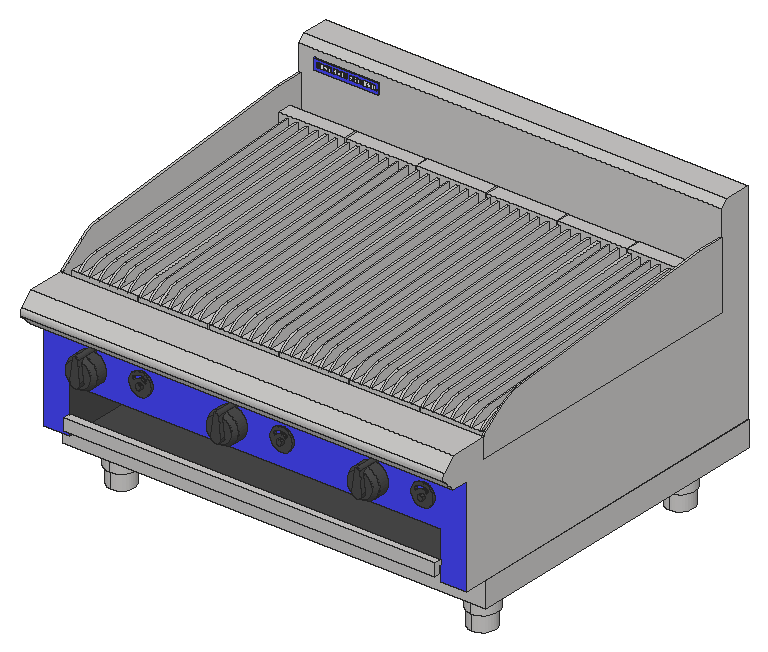
Revit family "QF_MOFFAT_BLUESEAL_AU_G596-B", category Specialty Equipment, Revit 2012
Parameters
  Weight in Pounds = 391  # constant formula
  URL Cutsheet = "www.moffat.com"
  URL = "www.moffat.com"
  Type Mark [instance] = ""
  Status [instance] = ""
  Specification by User [instance] = ""
  Specification by Manufacturer = ""
  Show Logo [instance] = yes
  Show Casters [instance] = yes
  Serial Number = ""
  Seismic Rating = ""
  SMACNA No = ""
  Revision Code [instance] = ""
  Omniclass Number and Title = ""
  NAFEM Spec ID Number = ""
  Model = "G596-B"
  Mechanical Remarks [instance] = ""
  Mechanical Connection Type [instance] = ""
  Masterspec = ""
  Manufacturer = "MOFFAT BLUESEAL"
  Legs [instance] = not(Show Casters)  # no
  Item Number [instance] = ""
  Installed By [instance] = ""
  Identify Quantity as Lot [instance] = yes
  Gas Size = 3/4"
  Gas RI Height [instance] = 0 mm
  Gas KW [instance] = 29.3
  Gas Input [instance] = 94781.0 Btu/h
  Gas Connection Height = 0 mm
  Furnished By [instance] = ""
  Foodservice Equipment Identifier [instance] = yes
  Description = "900MM GAS CHARGRILL BENCH MOUNT"
  CSI MasterFormat = ""
  CSI Master Format = ""
  Body Finish = QF_Finishes_Stainless Steel
Reference planes
  plane 1 "BACK": y = 0
  plane 2: z = 0
  plane 3 "LEFT": x = 0
  plane 4 "RIGHT": x = 900
  plane 5 "FRONT": y = -812
  plane 6 "TOP": z = 972
  plane 7 "Center Y": x = 450
  plane 8 "Center X": y = -406
  plane 9: y = -100
  plane 10: y = -625
  plane 11: z = 585
  plane 12: x = 65.5
  plane 13: x = 834.5
Forms (mm)
  Extrusion 1, solid, material "QF_Finishes_Stainless Steel" <- "Body Finish"
    sketch origin (0, 0, -500) x (0, 1, 0) y (0, 0, 1)
      loop
        line (0, 640) -> (0, 1085) -> (-57.5, 1085) -> (-70, 1072.5) -> (-70, 875) -> (-705, 875) -> (-705, 915) -> (-783.97, 915) -> (-808.485, 890.485)
        arc (-808.485, 890.485) -> (-811.999, 882) -> (-808.485, 873.515) r 12
        line (-808.485, 873.515) -> (-784.97, 850) -> (-749, 850) -> (-749, 640) -> (0, 640)
      loop
        line (0, 585) -> (0, 639.206) -> (-699, 639.206) -> (-699, 585) -> (0, 585)
    from 0 to 900
  Extrusion 2, solid, material "QF_Finishes_Stainless Steel" <- "Body Finish"
    sketch origin (0, 0, -342.612) x (0, 1, 0) y (0, 0, 1)
      loop
        line (-70, 717) -> (-70, 860.112) -> (-127.045, 860.112) -> (-604.53, 814.135)
        arc (-604.53, 814.135) -> (-629.557, 808.415) -> (-652.303, 796.511) r 100
        line (-652.303, 796.511) -> (-705, 759.612) -> (-705, 717) -> (-70, 717)
    from 0 to 4.5
  Extrusion 3, solid, material "QF_Finishes_Stainless Steel" <- "Body Finish"
    sketch origin (900, 0, 0) x (0, -1, 0) y (0, 0, 1)
      loop
        line (70, 374.388) -> (705, 374.388) -> (705, 417) -> (652.303, 453.899)
        arc (652.303, 453.899) -> (629.557, 465.803) -> (604.53, 471.523) r 100
        line (604.53, 471.523) -> (127.045, 517.5) -> (70, 517.5) -> (70, 374.388)
    from 0 to 3
  Revolve 4, solid, material "QF_Finishes_Black"
    sketch origin (108, 7, -344.2) x (0, 1, 0) y (0, 0, 1)
      loop
        line (-789, 671.5) -> (-800, 665.651) -> (-800, 639) -> (-756, 639) -> (-756, 644) -> (-766, 644) -> (-766, 671.5) -> (-789, 671.5)
      axis (-800, 639) -> (-756, 639)
    angle from 0 to 360
  Extrusion 5, solid, material "QF_Finishes_Black"
    sketch origin (-30.113, 7, -344.2) x (1, 0, 0) y (0, 0, 1)
      loop
        line (148.532, 628.195) -> (143.111, 671.113)
        arc (143.111, 671.113) -> (138.113, 676) -> (133.114, 671.113) r 5
        line (133.114, 671.113) -> (127.625, 627.028)
        arc (127.625, 627.028) -> (138.697, 616.529) -> (148.532, 628.195) r 10.487
    from 759 to 808
  Extrusion 6, solid, material "QF_Finishes_Stainless Steel"
    sketch origin (276, 0, -342) x (0, 1, 0) y (0, 0, 1)
      loop
        line (-132, 752.364) -> (-132, 804.849) -> (-637.852, 774.53)
        arc (-637.852, 774.53) -> (-663.098, 767.97) -> (-684, 752.364) r 67.81
        line (-684, 752.364) -> (-132, 752.364)
    from 0 to 4.5
  Extrusion 7, solid, material "QF_Finishes_Stainless Steel"
    sketch origin (255, 0, -342) x (0, 1, 0) y (0, 0, 1)
      loop
        line (-132, 752.364) -> (-132, 804.849) -> (-637.852, 774.53)
        arc (-637.852, 774.53) -> (-663.098, 767.97) -> (-684, 752.364) r 67.81
        line (-684, 752.364) -> (-132, 752.364)
    from 0 to 4.5
  Extrusion 8, solid, material "QF_Finishes_Stainless Steel"
    sketch origin (234, 0, -342) x (0, 1, 0) y (0, 0, 1)
      loop
        line (-132, 752.364) -> (-132, 804.849) -> (-637.852, 774.53)
        arc (-637.852, 774.53) -> (-663.098, 767.97) -> (-684, 752.364) r 67.81
        line (-684, 752.364) -> (-132, 752.364)
    from 0 to 4.5
  Extrusion 9, solid, material "QF_Finishes_Stainless Steel"
    sketch origin (213, 0, -342) x (0, 1, 0) y (0, 0, 1)
      loop
        line (-132, 752.364) -> (-132, 804.849) -> (-637.852, 774.53)
        arc (-637.852, 774.53) -> (-663.098, 767.97) -> (-684, 752.364) r 67.81
        line (-684, 752.364) -> (-132, 752.364)
    from 0 to 4.5
  Extrusion 10, solid, material "QF_Finishes_Stainless Steel"
    sketch origin (192, 0, -342) x (0, 1, 0) y (0, 0, 1)
      loop
        line (-132, 752.364) -> (-132, 804.849) -> (-637.852, 774.53)
        arc (-637.852, 774.53) -> (-663.098, 767.97) -> (-684, 752.364) r 67.81
        line (-684, 752.364) -> (-132, 752.364)
    from 0 to 4.5
  Extrusion 11, solid, material "QF_Finishes_Stainless Steel"
    sketch origin (171, 0, -342) x (0, 1, 0) y (0, 0, 1)
      loop
        line (-132, 752.364) -> (-132, 804.849) -> (-637.852, 774.53)
        arc (-637.852, 774.53) -> (-663.098, 767.97) -> (-684, 752.364) r 67.81
        line (-684, 752.364) -> (-132, 752.364)
    from 0 to 4.5
  Extrusion 12, solid, material "QF_Finishes_Stainless Steel"
    sketch origin (150, 0, -342) x (0, 1, 0) y (0, 0, 1)
      loop
        line (-132, 752.364) -> (-132, 804.849) -> (-637.852, 774.53)
        arc (-637.852, 774.53) -> (-663.098, 767.97) -> (-684, 752.364) r 67.81
        line (-684, 752.364) -> (-132, 752.364)
    from 0 to 4.5
  Extrusion 13, solid, material "QF_Finishes_Stainless Steel"
    sketch origin (126, 0, -342) x (0, 1, 0) y (0, 0, 1)
      loop
        line (-132, 752.364) -> (-132, 804.849) -> (-637.852, 774.53)
        arc (-637.852, 774.53) -> (-663.098, 767.97) -> (-684, 752.364) r 67.81
        line (-684, 752.364) -> (-132, 752.364)
    from 0 to 4.5
  Extrusion 14, solid, material "QF_Finishes_Stainless Steel"
    sketch origin (105, 0, -342) x (0, 1, 0) y (0, 0, 1)
      loop
        line (-132, 752.364) -> (-132, 804.849) -> (-637.852, 774.53)
        arc (-637.852, 774.53) -> (-663.098, 767.97) -> (-684, 752.364) r 67.81
        line (-684, 752.364) -> (-132, 752.364)
    from 0 to 4.5
  Extrusion 15, solid, material "QF_Finishes_Stainless Steel"
    sketch origin (84, 0, -342) x (0, 1, 0) y (0, 0, 1)
      loop
        line (-132, 752.364) -> (-132, 804.849) -> (-637.852, 774.53)
        arc (-637.852, 774.53) -> (-663.098, 767.97) -> (-684, 752.364) r 67.81
        line (-684, 752.364) -> (-132, 752.364)
    from 0 to 4.5
  Extrusion 16, solid, material "QF_Finishes_Stainless Steel"
    sketch origin (63, 0, -342) x (0, 1, 0) y (0, 0, 1)
      loop
        line (-132, 752.364) -> (-132, 804.849) -> (-637.852, 774.53)
        arc (-637.852, 774.53) -> (-663.098, 767.97) -> (-684, 752.364) r 67.81
        line (-684, 752.364) -> (-132, 752.364)
    from 0 to 4.5
  Extrusion 17, solid, material "QF_Finishes_Stainless Steel"
    sketch origin (42, 0, -342) x (0, 1, 0) y (0, 0, 1)
      loop
        line (-132, 752.364) -> (-132, 804.849) -> (-637.852, 774.53)
        arc (-637.852, 774.53) -> (-663.098, 767.97) -> (-684, 752.364) r 67.81
        line (-684, 752.364) -> (-132, 752.364)
    from 0 to 4.5
  Extrusion 18, solid, material "QF_Finishes_Stainless Steel"
    sketch origin (21, 0, -342) x (0, 1, 0) y (0, 0, 1)
      loop
        line (-132, 752.364) -> (-132, 804.849) -> (-637.852, 774.53)
        arc (-637.852, 774.53) -> (-663.098, 767.97) -> (-684, 752.364) r 67.81
        line (-684, 752.364) -> (-132, 752.364)
    from 0 to 4.5
  Extrusion 19, solid, material "QF_Finishes_Stainless Steel"
    sketch origin (426, 0, -342) x (0, 1, 0) y (0, 0, 1)
      loop
        line (-132, 752.364) -> (-132, 804.849) -> (-637.852, 774.53)
        arc (-637.852, 774.53) -> (-663.098, 767.97) -> (-684, 752.364) r 67.81
        line (-684, 752.364) -> (-132, 752.364)
    from 0 to 4.5
  Extrusion 20, solid, material "QF_Finishes_Stainless Steel"
    sketch origin (405, 0, -342) x (0, 1, 0) y (0, 0, 1)
      loop
        line (-132, 752.364) -> (-132, 804.849) -> (-637.852, 774.53)
        arc (-637.852, 774.53) -> (-663.098, 767.97) -> (-684, 752.364) r 67.81
        line (-684, 752.364) -> (-132, 752.364)
    from 0 to 4.5
  Extrusion 21, solid, material "QF_Finishes_Stainless Steel"
    sketch origin (384, 0, -342) x (0, 1, 0) y (0, 0, 1)
      loop
        line (-132, 752.364) -> (-132, 804.849) -> (-637.852, 774.53)
        arc (-637.852, 774.53) -> (-663.098, 767.97) -> (-684, 752.364) r 67.81
        line (-684, 752.364) -> (-132, 752.364)
    from 0 to 4.5
  Extrusion 22, solid, material "QF_Finishes_Stainless Steel"
    sketch origin (363, 0, -342) x (0, 1, 0) y (0, 0, 1)
      loop
        line (-132, 752.364) -> (-132, 804.849) -> (-637.852, 774.53)
        arc (-637.852, 774.53) -> (-663.098, 767.97) -> (-684, 752.364) r 67.81
        line (-684, 752.364) -> (-132, 752.364)
    from 0 to 4.5
  Extrusion 23, solid, material "QF_Finishes_Stainless Steel"
    sketch origin (342, 0, -342) x (0, 1, 0) y (0, 0, 1)
      loop
        line (-132, 752.364) -> (-132, 804.849) -> (-637.852, 774.53)
        arc (-637.852, 774.53) -> (-663.098, 767.97) -> (-684, 752.364) r 67.81
        line (-684, 752.364) -> (-132, 752.364)
    from 0 to 4.5
  Extrusion 24, solid, material "QF_Finishes_Stainless Steel"
    sketch origin (321, 0, -342) x (0, 1, 0) y (0, 0, 1)
      loop
        line (-132, 752.364) -> (-132, 804.849) -> (-637.852, 774.53)
        arc (-637.852, 774.53) -> (-663.098, 767.97) -> (-684, 752.364) r 67.81
        line (-684, 752.364) -> (-132, 752.364)
    from 0 to 4.5
  Extrusion 25, solid, material "QF_Finishes_Stainless Steel"
    sketch origin (300, 0, -342) x (0, 1, 0) y (0, 0, 1)
      loop
        line (-132, 752.364) -> (-132, 804.849) -> (-637.852, 774.53)
        arc (-637.852, 774.53) -> (-663.098, 767.97) -> (-684, 752.364) r 67.81
        line (-684, 752.364) -> (-132, 752.364)
    from 0 to 4.5
  Extrusion 26, solid, material "QF_Finishes_Stainless Steel"
    sketch origin (576, 0, -342) x (0, 1, 0) y (0, 0, 1)
      loop
        line (-132, 752.364) -> (-132, 804.849) -> (-637.852, 774.53)
        arc (-637.852, 774.53) -> (-663.098, 767.97) -> (-684, 752.364) r 67.81
        line (-684, 752.364) -> (-132, 752.364)
    from 0 to 4.5
  Extrusion 27, solid, material "QF_Finishes_Stainless Steel"
    sketch origin (555, 0, -342) x (0, 1, 0) y (0, 0, 1)
      loop
        line (-132, 752.364) -> (-132, 804.849) -> (-637.852, 774.53)
        arc (-637.852, 774.53) -> (-663.098, 767.97) -> (-684, 752.364) r 67.81
        line (-684, 752.364) -> (-132, 752.364)
    from 0 to 4.5
  Extrusion 28, solid, material "QF_Finishes_Stainless Steel"
    sketch origin (534, 0, -342) x (0, 1, 0) y (0, 0, 1)
      loop
        line (-132, 752.364) -> (-132, 804.849) -> (-637.852, 774.53)
        arc (-637.852, 774.53) -> (-663.098, 767.97) -> (-684, 752.364) r 67.81
        line (-684, 752.364) -> (-132, 752.364)
    from 0 to 4.5
  Extrusion 29, solid, material "QF_Finishes_Stainless Steel"
    sketch origin (513, 0, -342) x (0, 1, 0) y (0, 0, 1)
      loop
        line (-132, 752.364) -> (-132, 804.849) -> (-637.852, 774.53)
        arc (-637.852, 774.53) -> (-663.098, 767.97) -> (-684, 752.364) r 67.81
        line (-684, 752.364) -> (-132, 752.364)
    from 0 to 4.5
  Extrusion 30, solid, material "QF_Finishes_Stainless Steel"
    sketch origin (492, 0, -342) x (0, 1, 0) y (0, 0, 1)
      loop
        line (-132, 752.364) -> (-132, 804.849) -> (-637.852, 774.53)
        arc (-637.852, 774.53) -> (-663.098, 767.97) -> (-684, 752.364) r 67.81
        line (-684, 752.364) -> (-132, 752.364)
    from 0 to 4.5
  Extrusion 31, solid, material "QF_Finishes_Stainless Steel"
    sketch origin (471, 0, -342) x (0, 1, 0) y (0, 0, 1)
      loop
        line (-132, 752.364) -> (-132, 804.849) -> (-637.852, 774.53)
        arc (-637.852, 774.53) -> (-663.098, 767.97) -> (-684, 752.364) r 67.81
        line (-684, 752.364) -> (-132, 752.364)
    from 0 to 4.5
  Extrusion 32, solid, material "QF_Finishes_Stainless Steel"
    sketch origin (450, 0, -342) x (0, 1, 0) y (0, 0, 1)
      loop
        line (-132, 752.364) -> (-132, 804.849) -> (-637.852, 774.53)
        arc (-637.852, 774.53) -> (-663.098, 767.97) -> (-684, 752.364) r 67.81
        line (-684, 752.364) -> (-132, 752.364)
    from 0 to 4.5
  Extrusion 33, solid, material "QF_Finishes_Stainless Steel"
    sketch origin (0, 3, -500) x (1, 0, 0) y (0, 1, 0)
      loop
        circle (216, -37) r 13.5
    from 553 to 585
  Extrusion 34, solid, material "QF_Finishes_Stainless Steel"
    sketch origin (0, 0, -342) x (0, 1, 0) y (0, 0, 1)
      loop
        line (-132, 752.364) -> (-684, 752.364) -> (-684, 717) -> (-102, 717) -> (-102, 812) -> (-132, 812) -> (-132, 752.364)
    from 4.5 to 147
  Extrusion 35, solid, material "QF_Finishes_Stainless Steel"
    sketch origin (145.5, 0, -342) x (0, 1, 0) y (0, 0, 1)
      loop
        line (-132, 752.364) -> (-684, 752.364) -> (-684, 717) -> (-102, 717) -> (-102, 812) -> (-132, 812) -> (-132, 752.364)
    from 4.5 to 151.5
  Extrusion 36, solid, material "QF_Finishes_Stainless Steel"
    sketch origin (295.5, 0, -342) x (0, 1, 0) y (0, 0, 1)
      loop
        line (-132, 752.364) -> (-684, 752.364) -> (-684, 717) -> (-102, 717) -> (-102, 812) -> (-132, 812) -> (-132, 752.364)
    from 4.5 to 151.5
  Extrusion 37, solid, material "QF_Finishes_Stainless Steel"
    sketch origin (445.5, 0, -342) x (0, 1, 0) y (0, 0, 1)
      loop
        line (-132, 752.364) -> (-684, 752.364) -> (-684, 717) -> (-102, 717) -> (-102, 812) -> (-132, 812) -> (-132, 752.364)
    from 4.5 to 151.5
  Extrusion 38, solid, material "QF_Finishes_Black"
    sketch origin (0, -749, 350) x (0, 0, -1) y (1, 0, 0)
      loop
        circle (55.799, 208) r 23.9
      loop
        arc (48.44, 216.419) -> (49.3, 221.219) -> (44.5, 222.079) r 3.448
        arc (44.5, 222.079) -> (37.915, 207.341) -> (45.718, 193.209) r 18.095
        arc (45.718, 193.209) -> (50.44, 194.491) -> (49.125, 199.204) r 3.448
        arc (49.125, 199.204) -> (45.557, 207.683) -> (48.44, 216.419) r 13.109
      loop
        circle (55.799, 808) r 23.9
      loop
        arc (44.5, 822.079) -> (37.915, 807.341) -> (45.718, 793.209) r 18.095
        arc (45.718, 793.209) -> (50.44, 794.491) -> (49.125, 799.204) r 3.448
        arc (49.125, 799.204) -> (45.557, 807.683) -> (48.44, 816.419) r 13.109
        arc (48.44, 816.419) -> (49.3, 821.219) -> (44.5, 822.079) r 3.448
      loop
        circle (55.799, 508) r 23.9
      loop
        arc (44.5, 522.079) -> (37.915, 507.341) -> (45.718, 493.209) r 18.095
        arc (45.718, 493.209) -> (50.44, 494.491) -> (49.125, 499.204) r 3.448
        arc (49.125, 499.204) -> (45.557, 507.683) -> (48.44, 516.419) r 13.109
        arc (48.44, 516.419) -> (49.3, 521.219) -> (44.5, 522.079) r 3.448
    from 0 to 4
  Extrusion 39, solid, material "QF_Finishes_Black"
    sketch origin (0, -753, 350) x (0, 0, -1) y (1, 0, 0)
      loop
        circle (59.299, 208) r 5.75
      loop
        circle (59.299, 508) r 5.75
      loop
        circle (59.299, 808) r 5.75
    from 0 to 5
  Revolve 40, solid, material "QF_Finishes_Black"
    sketch origin (408, 7, -344.2) x (0, 1, 0) y (0, 0, 1)
      loop
        line (-789, 671.5) -> (-800, 665.651) -> (-800, 639) -> (-756, 639) -> (-756, 644) -> (-766, 644) -> (-766, 671.5) -> (-789, 671.5)
      axis (-800, 639) -> (-756, 639)
    angle from 0 to 360
  Extrusion 41, solid, material "QF_Finishes_Black"
    sketch origin (269.887, 7, -344.2) x (1, 0, 0) y (0, 0, 1)
      loop
        line (148.532, 628.195) -> (143.111, 671.113)
        arc (143.111, 671.113) -> (138.113, 676) -> (133.114, 671.113) r 5
        line (133.114, 671.113) -> (127.625, 627.028)
        arc (127.625, 627.028) -> (138.697, 616.529) -> (148.532, 628.195) r 10.487
    from 759 to 808
  Extrusion 42, void
    sketch origin (0, -749, 350) x (0, 0, 1) y (1, 0, 0)
      loop
        line (-210, 845) -> (-210, 55) -> (-110, 55) -> (-110, 845) -> (-210, 845)
    from 0 to 250
  Extrusion 43, solid, material "QF_Finishes_Stainless Steel"
    sketch origin (55, -749, 140) x (0, 0, 1) y (0, -1, 0)
      loop
        line (16.797, 15.924) -> (16.797, 5.924) -> (31.797, 5.924) -> (31.797, -31.346) -> (0, -31.346) -> (0, -50) -> (41.797, -50) -> (41.797, 15.924) -> (16.797, 15.924)
    from 0 to 790
  Revolve 44, solid, material "QF_Finishes_Stainless Steel" <- "Body Finish"
    sketch origin (834.5, -735, 0) x (0, 1, 0) y (0, 0, -1)
      loop
        line (78.25, -85) -> (110, -85) -> (110, 0) -> (82.5, 0) -> (82.5, -35) -> (78.25, -35) -> (78.25, -85)
      axis (110, -85) -> (110, 0)
    angle from 0 to 360
  Revolve 45, solid, material "QF_Finishes_Stainless Steel" <- "Body Finish"
    sketch origin (834.5, -210, 0) x (0, 1, 0) y (0, 0, -1)
      loop
        line (78.25, -85) -> (110, -85) -> (110, 0) -> (82.5, 0) -> (82.5, -35) -> (78.25, -35) -> (78.25, -85)
      axis (110, -85) -> (110, 0)
    angle from 0 to 360
  Revolve 46, solid, material "QF_Finishes_Stainless Steel" <- "Body Finish"
    sketch origin (65.5, -735, 0) x (0, 1, 0) y (0, 0, 1)
      loop
        line (78.25, 85) -> (78.25, 35) -> (82.5, 35) -> (82.5, 0) -> (110, 0) -> (110, 85) -> (78.25, 85)
      axis (110, 85) -> (110, 0)
    angle from 0 to 360
  Revolve 47, solid, material "QF_Finishes_Stainless Steel" <- "Body Finish"
    sketch origin (65.5, -210, 0) x (0, 1, 0) y (0, 0, 1)
      loop
        line (78.25, 85) -> (78.25, 35) -> (82.5, 35) -> (82.5, 0) -> (110, 0) -> (110, 85) -> (78.25, 85)
      axis (110, 85) -> (110, 0)
    angle from 0 to 360
  Extrusion 48, solid, material "QF_Finishes_Stainless Steel"
    sketch origin (726, 0, -342) x (0, 1, 0) y (0, 0, 1)
      loop
        line (-132, 752.364) -> (-132, 804.849) -> (-637.852, 774.53)
        arc (-637.852, 774.53) -> (-663.098, 767.97) -> (-684, 752.364) r 67.81
        line (-684, 752.364) -> (-132, 752.364)
    from 0 to 4.5
  Extrusion 49, solid, material "QF_Finishes_Stainless Steel"
    sketch origin (705, 0, -342) x (0, 1, 0) y (0, 0, 1)
      loop
        line (-132, 752.364) -> (-132, 804.849) -> (-637.852, 774.53)
        arc (-637.852, 774.53) -> (-663.098, 767.97) -> (-684, 752.364) r 67.81
        line (-684, 752.364) -> (-132, 752.364)
    from 0 to 4.5
  Extrusion 50, solid, material "QF_Finishes_Stainless Steel"
    sketch origin (684, 0, -342) x (0, 1, 0) y (0, 0, 1)
      loop
        line (-132, 752.364) -> (-132, 804.849) -> (-637.852, 774.53)
        arc (-637.852, 774.53) -> (-663.098, 767.97) -> (-684, 752.364) r 67.81
        line (-684, 752.364) -> (-132, 752.364)
    from 0 to 4.5
  Extrusion 51, solid, material "QF_Finishes_Stainless Steel"
    sketch origin (663, 0, -342) x (0, 1, 0) y (0, 0, 1)
      loop
        line (-132, 752.364) -> (-132, 804.849) -> (-637.852, 774.53)
        arc (-637.852, 774.53) -> (-663.098, 767.97) -> (-684, 752.364) r 67.81
        line (-684, 752.364) -> (-132, 752.364)
    from 0 to 4.5
  Extrusion 52, solid, material "QF_Finishes_Stainless Steel"
    sketch origin (642, 0, -342) x (0, 1, 0) y (0, 0, 1)
      loop
        line (-132, 752.364) -> (-132, 804.849) -> (-637.852, 774.53)
        arc (-637.852, 774.53) -> (-663.098, 767.97) -> (-684, 752.364) r 67.81
        line (-684, 752.364) -> (-132, 752.364)
    from 0 to 4.5
  Extrusion 53, solid, material "QF_Finishes_Stainless Steel"
    sketch origin (621, 0, -342) x (0, 1, 0) y (0, 0, 1)
      loop
        line (-132, 752.364) -> (-132, 804.849) -> (-637.852, 774.53)
        arc (-637.852, 774.53) -> (-663.098, 767.97) -> (-684, 752.364) r 67.81
        line (-684, 752.364) -> (-132, 752.364)
    from 0 to 4.5
  Extrusion 54, solid, material "QF_Finishes_Stainless Steel"
    sketch origin (600, 0, -342) x (0, 1, 0) y (0, 0, 1)
      loop
        line (-132, 752.364) -> (-132, 804.849) -> (-637.852, 774.53)
        arc (-637.852, 774.53) -> (-663.098, 767.97) -> (-684, 752.364) r 67.81
        line (-684, 752.364) -> (-132, 752.364)
    from 0 to 4.5
  Extrusion 55, solid, material "QF_Finishes_Stainless Steel"
    sketch origin (595.5, 0, -342) x (0, 1, 0) y (0, 0, 1)
      loop
        line (-132, 752.364) -> (-684, 752.364) -> (-684, 717) -> (-102, 717) -> (-102, 812) -> (-132, 812) -> (-132, 752.364)
    from 4.5 to 151.5
  Extrusion 56, solid, material "QF_Finishes_Stainless Steel"
    sketch origin (876, 0, -342) x (0, 1, 0) y (0, 0, 1)
      loop
        line (-132, 752.364) -> (-132, 804.849) -> (-637.852, 774.53)
        arc (-637.852, 774.53) -> (-663.098, 767.97) -> (-684, 752.364) r 67.81
        line (-684, 752.364) -> (-132, 752.364)
    from 0 to 4.5
  Extrusion 57, solid, material "QF_Finishes_Stainless Steel"
    sketch origin (855, 0, -342) x (0, 1, 0) y (0, 0, 1)
      loop
        line (-132, 752.364) -> (-132, 804.849) -> (-637.852, 774.53)
        arc (-637.852, 774.53) -> (-663.098, 767.97) -> (-684, 752.364) r 67.81
        line (-684, 752.364) -> (-132, 752.364)
    from 0 to 4.5
  Extrusion 58, solid, material "QF_Finishes_Stainless Steel"
    sketch origin (834, 0, -342) x (0, 1, 0) y (0, 0, 1)
      loop
        line (-132, 752.364) -> (-132, 804.849) -> (-637.852, 774.53)
        arc (-637.852, 774.53) -> (-663.098, 767.97) -> (-684, 752.364) r 67.81
        line (-684, 752.364) -> (-132, 752.364)
    from 0 to 4.5
  Extrusion 59, solid, material "QF_Finishes_Stainless Steel"
    sketch origin (813, 0, -342) x (0, 1, 0) y (0, 0, 1)
      loop
        line (-132, 752.364) -> (-132, 804.849) -> (-637.852, 774.53)
        arc (-637.852, 774.53) -> (-663.098, 767.97) -> (-684, 752.364) r 67.81
        line (-684, 752.364) -> (-132, 752.364)
    from 0 to 4.5
  Extrusion 60, solid, material "QF_Finishes_Stainless Steel"
    sketch origin (792, 0, -342) x (0, 1, 0) y (0, 0, 1)
      loop
        line (-132, 752.364) -> (-132, 804.849) -> (-637.852, 774.53)
        arc (-637.852, 774.53) -> (-663.098, 767.97) -> (-684, 752.364) r 67.81
        line (-684, 752.364) -> (-132, 752.364)
    from 0 to 4.5
  Extrusion 61, solid, material "QF_Finishes_Stainless Steel"
    sketch origin (771, 0, -342) x (0, 1, 0) y (0, 0, 1)
      loop
        line (-132, 752.364) -> (-132, 804.849) -> (-637.852, 774.53)
        arc (-637.852, 774.53) -> (-663.098, 767.97) -> (-684, 752.364) r 67.81
        line (-684, 752.364) -> (-132, 752.364)
    from 0 to 4.5
  Extrusion 62, solid, material "QF_Finishes_Stainless Steel"
    sketch origin (750, 0, -342) x (0, 1, 0) y (0, 0, 1)
      loop
        line (-132, 752.364) -> (-132, 804.849) -> (-637.852, 774.53)
        arc (-637.852, 774.53) -> (-663.098, 767.97) -> (-684, 752.364) r 67.81
        line (-684, 752.364) -> (-132, 752.364)
    from 0 to 4.5
  Extrusion 63, solid, material "QF_Finishes_Stainless Steel"
    sketch origin (745.5, 0, -342) x (0, 1, 0) y (0, 0, 1)
      loop
        line (-132, 752.364) -> (-684, 752.364) -> (-684, 717) -> (-102, 717) -> (-102, 812) -> (-132, 812) -> (-132, 752.364)
    from 4.5 to 151.5
  Extrusion 64, void
    sketch origin (0, -749, 350) x (0, 0, 1) y (1, 0, 0)
      loop
        line (-210, 845) -> (-210, 55) -> (-110, 55) -> (-110, 845) -> (-210, 845)
    from 0 to 250
  Revolve 65, solid, material "QF_Finishes_Black"
    sketch origin (708, 7, -344.2) x (0, 1, 0) y (0, 0, 1)
      loop
        line (-789, 671.5) -> (-800, 665.651) -> (-800, 639) -> (-756, 639) -> (-756, 644) -> (-766, 644) -> (-766, 671.5) -> (-789, 671.5)
      axis (-800, 639) -> (-756, 639)
    angle from 0 to 360
  Extrusion 66, solid, material "QF_Finishes_Black"
    sketch origin (569.887, 7, -344.2) x (1, 0, 0) y (0, 0, 1)
      loop
        line (148.532, 628.195) -> (143.111, 671.113)
        arc (143.111, 671.113) -> (138.113, 676) -> (133.114, 671.113) r 5
        line (133.114, 671.113) -> (127.625, 627.028)
        arc (127.625, 627.028) -> (138.697, 616.529) -> (148.532, 628.195) r 10.487
    from 759 to 808
Cuts and joins
  Extrusion 42, Extrusion 64 cuts Extrusion 43
  Extrusion 64 cuts Extrusion 1
Lines and regions (mm)
  Split face 1
    outline origin (600, 0, 585) x (-1, 0, 0) y (0, -1, 0)
      loop
        arc (556, 18.185) -> (564.66, 23.185) -> (564.66, 33.185) r 10
        line (564.66, 33.185) -> (560.619, 40.185)
        arc (560.619, 40.185) -> (556.959, 43.845) -> (551.959, 45.185) r 10
        line (551.959, 45.185) -> (324, 45.185)
        arc (324, 45.185) -> (315.34, 40.185) -> (315.34, 30.185) r 10
        line (315.34, 30.185) -> (319.381, 23.185)
        arc (319.381, 23.185) -> (323.041, 19.525) -> (328.041, 18.185) r 10
        line (328.041, 18.185) -> (556, 18.185)
  Split face 2
    outline origin (600, 0, 585) x (-1, 0, 0) y (0, -1, 0)
      loop
        arc (-44, 18.185) -> (-35.34, 23.185) -> (-35.34, 33.185) r 10
        line (-35.34, 33.185) -> (-39.381, 40.185)
        arc (-39.381, 40.185) -> (-43.041, 43.845) -> (-48.041, 45.185) r 10
        line (-48.041, 45.185) -> (-276, 45.185)
        arc (-276, 45.185) -> (-284.66, 40.185) -> (-284.66, 30.185) r 10
        line (-284.66, 30.185) -> (-280.619, 23.185)
        arc (-280.619, 23.185) -> (-276.959, 19.525) -> (-271.959, 18.185) r 10
        line (-271.959, 18.185) -> (-44, 18.185)
  Split face 3
    outline origin (892.021, 0, 585) x (-1, 0, 0) y (0, -1, 0)
      loop
        arc (556, 18.185) -> (564.66, 23.185) -> (564.66, 33.185) r 10
        line (564.66, 33.185) -> (560.619, 40.185)
        arc (560.619, 40.185) -> (556.959, 43.845) -> (551.959, 45.185) r 10
        line (551.959, 45.185) -> (324, 45.185)
        arc (324, 45.185) -> (315.34, 40.185) -> (315.34, 30.185) r 10
        line (315.34, 30.185) -> (319.381, 23.185)
        arc (319.381, 23.185) -> (323.041, 19.525) -> (328.041, 18.185) r 10
        line (328.041, 18.185) -> (556, 18.185)
  symbolic lines
    curve 1: line (0, 0, 0) -> (900, 0, 0)
    curve 2: line (0, -811.999, 0) -> (0, 0, 0)
    curve 3: line (900, -811.999, 0) -> (0, -811.999, 0)
    curve 4: line (900, 0, 0) -> (900, -811.999, 0)
    curve 5: line (336.021, -18.185, 0) -> (563.979, -18.185, 0)
    curve 6: arc (563.979, -18.185, 0) -> (568.979, -19.525, 0) -> (572.64, -23.185, 0) r 10
    curve 7: line (572.64, -23.185, 0) -> (576.681, -30.185, 0)
    curve 8: arc (576.681, -30.185, 0) -> (576.681, -40.185, 0) -> (568.021, -45.185, 0) r 10
    curve 9: line (568.021, -45.185, 0) -> (340.062, -45.185, 0)
    curve 10: arc (340.062, -45.185, 0) -> (335.062, -43.845, 0) -> (331.402, -40.185, 0) r 10
    curve 11: line (331.402, -40.185, 0) -> (327.36, -33.185, 0)
    curve 12: arc (327.36, -33.185, 0) -> (327.36, -23.185, 0) -> (336.021, -18.185, 0) r 10
    curve 13: line (871.959, -18.185, 0) -> (644, -18.185, 0)
    curve 14: arc (644, -18.185, 0) -> (635.34, -23.185, 0) -> (635.34, -33.185, 0) r 10
    curve 15: line (635.34, -33.185, 0) -> (639.381, -40.185, 0)
    curve 16: arc (639.381, -40.185, 0) -> (643.041, -43.845, 0) -> (648.041, -45.185, 0) r 10
    curve 17: line (648.041, -45.185, 0) -> (876, -45.185, 0)
    curve 18: arc (876, -45.185, 0) -> (884.66, -40.185, 0) -> (884.66, -30.185, 0) r 10
    curve 19: line (884.66, -30.185, 0) -> (880.619, -23.185, 0)
    curve 20: arc (880.619, -23.185, 0) -> (876.959, -19.525, 0) -> (871.959, -18.185, 0) r 10
    curve 21: line (271.959, -18.185, 0) -> (44, -18.185, 0)
    curve 22: arc (44, -18.185, 0) -> (35.34, -23.185, 0) -> (35.34, -33.185, 0) r 10
    curve 23: line (35.34, -33.185, 0) -> (39.381, -40.185, 0)
    curve 24: arc (39.381, -40.185, 0) -> (43.041, -43.845, 0) -> (48.041, -45.185, 0) r 10
    curve 25: line (48.041, -45.185, 0) -> (276, -45.185, 0)
    curve 26: arc (276, -45.185, 0) -> (284.66, -40.185, 0) -> (284.66, -30.185, 0) r 10
    curve 27: line (284.66, -30.185, 0) -> (280.619, -23.185, 0)
    curve 28: arc (280.619, -23.185, 0) -> (276.959, -19.525, 0) -> (271.959, -18.185, 0) r 10
    curve 29: line (0, -57.5, 0) -> (900, -57.5, 0)
    curve 30: line (0, -70, 0) -> (900, -70, 0)
    curve 31: line (900, -705, 0) -> (0, -705, 0)
    curve 32: line (0, -783.97, 0) -> (900, -783.97, 0)
    curve 33: line (4.5, -684, 0) -> (147, -684, 0)
    curve 34: line (150, -684, 0) -> (297, -684, 0)
    curve 35: line (300, -684, 0) -> (447, -684, 0)
    curve 36: line (450, -684, 0) -> (597, -684, 0)
    curve 37: line (600, -684, 0) -> (747, -684, 0)
    curve 38: line (750, -684, 0) -> (897, -684, 0)
    curve 39: line (897, -102, 0) -> (750, -102, 0)
    curve 40: line (747, -102, 0) -> (600, -102, 0)
    curve 41: line (897, -70, 0) -> (897, -705, 0)
    curve 42: line (4.5, -705, 0) -> (4.5, -70, 0)
    curve 43: line (147, -102, 0) -> (4.5, -102, 0)
    curve 44: line (297, -102, 0) -> (150, -102, 0)
    curve 45: line (447, -102, 0) -> (300, -102, 0)
    curve 46: line (597, -102, 0) -> (450, -102, 0)
    curve 47: line (147, -684, 0) -> (147, -102, 0)
    curve 48: line (150, -102, 0) -> (150, -684, 0)
    curve 49: line (297, -684, 0) -> (297, -102, 0)
    curve 50: line (300, -102, 0) -> (300, -684, 0)
    curve 51: line (447, -684, 0) -> (447, -102, 0)
    curve 52: line (450, -102, 0) -> (450, -684, 0)
    curve 53: line (597, -684, 0) -> (597, -102, 0)
    curve 54: line (600, -102, 0) -> (600, -684, 0)
    curve 55: line (747, -684, 0) -> (747, -102, 0)
    curve 56: line (750, -102, 0) -> (750, -684, 0)
    curve 57: line (21, -132, 0) -> (21, -684, 0)
    curve 58: line (42, -132, 0) -> (42, -684, 0)
    curve 59: line (63, -132, 0) -> (63, -684, 0)
    curve 60: line (84, -132, 0) -> (84, -684, 0)
    curve 61: line (105, -132, 0) -> (105, -684, 0)
    curve 62: line (126, -132, 0) -> (126, -684, 0)
    curve 63: line (154.5, -684, 0) -> (154.5, -132, 0)
    curve 64: line (175.5, -684, 0) -> (175.5, -132, 0)
    curve 65: line (196.5, -684, 0) -> (196.5, -132, 0)
    curve 66: line (217.5, -684, 0) -> (217.5, -132, 0)
    curve 67: line (238.5, -684, 0) -> (238.5, -132, 0)
    curve 68: line (259.5, -684, 0) -> (259.5, -132, 0)
    curve 69: line (280.5, -684, 0) -> (280.5, -132, 0)
    curve 70: line (304.5, -684, 0) -> (304.5, -132, 0)
    curve 71: line (325.5, -684, 0) -> (325.5, -132, 0)
    curve 72: line (346.5, -684, 0) -> (346.5, -132, 0)
    curve 73: line (367.5, -684, 0) -> (367.5, -132, 0)
    curve 74: line (388.5, -684, 0) -> (388.5, -132, 0)
    curve 75: line (409.5, -684, 0) -> (409.5, -132, 0)
    curve 76: line (430.5, -684, 0) -> (430.5, -132, 0)
    curve 77: line (454.5, -684, 0) -> (454.5, -132, 0)
    curve 78: line (475.5, -684, 0) -> (475.5, -132, 0)
    curve 79: line (496.5, -684, 0) -> (496.5, -132, 0)
    curve 80: line (517.5, -684, 0) -> (517.5, -132, 0)
    curve 81: line (538.5, -684, 0) -> (538.5, -132, 0)
    curve 82: line (559.5, -684, 0) -> (559.5, -132, 0)
    curve 83: line (580.5, -684, 0) -> (580.5, -132, 0)
    curve 84: line (604.5, -684, 0) -> (604.5, -132, 0)
    curve 85: line (625.5, -684, 0) -> (625.5, -132, 0)
    curve 86: line (646.5, -684, 0) -> (646.5, -132, 0)
    curve 87: line (667.5, -684, 0) -> (667.5, -132, 0)
    curve 88: line (688.5, -684, 0) -> (688.5, -132, 0)
    curve 89: line (709.5, -684, 0) -> (709.5, -132, 0)
    curve 90: line (730.5, -684, 0) -> (730.5, -132, 0)
    curve 91: line (754.5, -684, 0) -> (754.5, -132, 0)
    curve 92: line (775.5, -684, 0) -> (775.5, -132, 0)
    curve 93: line (796.5, -684, 0) -> (796.5, -132, 0)
    curve 94: line (817.5, -684, 0) -> (817.5, -132, 0)
    curve 95: line (838.5, -684, 0) -> (838.5, -132, 0)
    curve 96: line (859.5, -684, 0) -> (859.5, -132, 0)
    curve 97: line (880.5, -684, 0) -> (880.5, -132, 0)
    curve 98: line (750, -132, 0) -> (897, -132, 0)
    curve 99: line (600, -132, 0) -> (747, -132, 0)
    curve 100: line (450, -132, 0) -> (597, -132, 0)
    curve 101: line (150, -132, 0) -> (297, -132, 0)
    curve 102: line (4.5, -132, 0) -> (147, -132, 0)
    curve 103: line (300, -132, 0) -> (447, -132, 0)
Dimensions and locks
  equal spacing: plane 3 "LEFT", plane 7 "Center Y", plane 4 "RIGHT"
  plane 3 "LEFT" to plane 4 "RIGHT" = 900 mm
  equal spacing: plane 5 "FRONT", plane 8 "Center X", plane 1 "BACK"
  plane 5 "FRONT" to plane 1 "BACK" = 812 mm  (x2)
  equal spacing: plane 4 "RIGHT", plane 7 "Center Y", plane 3 "LEFT"
  plane 4 "RIGHT" to plane 3 "LEFT" = 900 mm
  locked: plane 11 to level at 585
  plane 12 to plane 13 = 769 mm
  plane 2 to Extrusion 33 = 53 mm
  Extrusion 33 sketch curve to plane 1 "BACK" = 34 mm
  plane 3 "LEFT" to Extrusion 33 sketch curve = 216 mm
  cut or joined group of Extrusion 1, Extrusion 64 to plane 2 = 415 mm
  plane 2 to cut or joined group of Extrusion 1, Extrusion 64 = 85 mm
  plane 11 to plane 2 = 585 mm
  plane 1 "BACK" to cut or joined group of Extrusion 1, Extrusion 64 = 70 mm
  plane 1 "BACK" to plane 5 "FRONT" = 812 mm
  plane 1 "BACK" to plane 9 = 100 mm
  plane 9 to plane 10 = 525 mm
  aligned and locked: level to plane 2
Automatic sketch dimensions
  Extrusion 1 sketch curve to plane 11 = 0 mm
  Extrusion 1 sketch curve to plane 1 "BACK" = 0 mm  (x2)
  Extrusion 1 sketch curve to plane 9 = 42.5 mm
  Extrusion 1 sketch curve to plane 9 = 30 mm
  plane 10 to Extrusion 1 sketch curve = 74 mm
  plane 10 to Extrusion 1 sketch curve = 80 mm
  Extrusion 1 sketch curve to Extrusion 1 sketch curve = 50 mm
  Extrusion 1 sketch curve to plane 5 "FRONT" = 28.03 mm
  Extrusion 1 sketch curve to plane 5 "FRONT" = 27.03 mm
  Extrusion 1 sketch curve to plane 5 "FRONT" = 12.001 mm
  Extrusion 1 sketch curve to plane 5 "FRONT" = 3.515 mm  (x2)
  Extrusion 1 sketch curve to plane 11 = 12.5 mm
  Extrusion 1 sketch curve to plane 11 = 170 mm
  Extrusion 1 sketch curve to Extrusion 1 sketch curve = 24.515 mm
  Extrusion 1 sketch curve to Extrusion 1 sketch curve = 8.485 mm
  Extrusion 1 sketch curve to Extrusion 1 sketch curve = 40 mm
  Extrusion 1 sketch curve to Extrusion 1 sketch curve = 25 mm
  level to Extrusion 1 sketch curve = 140 mm
  Extrusion 1 sketch curve to Extrusion 1 sketch curve = 0.794 mm
  Extrusion 1 sketch curve to Extrusion 1 sketch curve = 54.206 mm
  plane 10 to Extrusion 2 sketch curve = 80 mm
  plane 10 to Extrusion 2 sketch curve = 27.303 mm
  Extrusion 2 sketch curve to plane 10 = 20.47 mm
  Extrusion 2 sketch curve to plane 10 = 30.055 mm
  plane 9 to Extrusion 2 sketch curve = 27.045 mm
  Extrusion 2 sketch curve to plane 9 = 30 mm
  Extrusion 2 sketch curve to plane 11 = 213.016 mm
  Extrusion 2 sketch curve to Extrusion 2 sketch curve = 2.405 mm
  Extrusion 2 sketch curve to Extrusion 2 sketch curve = 42.612 mm
  Extrusion 2 sketch curve to Extrusion 2 sketch curve = 36.899 mm
  Extrusion 2 sketch curve to plane 11 = 67.5 mm
  Extrusion 3 sketch curve to plane 9 = 30 mm
  plane 9 to Extrusion 3 sketch curve = 27.045 mm
  Extrusion 3 sketch curve to plane 10 = 30.055 mm
  Extrusion 3 sketch curve to plane 10 = 20.47 mm
  plane 10 to Extrusion 3 sketch curve = 27.303 mm
  plane 10 to Extrusion 3 sketch curve = 80 mm
  Extrusion 3 sketch curve to plane 11 = 213.016 mm
  Extrusion 3 sketch curve to Extrusion 3 sketch curve = 2.405 mm
  Extrusion 3 sketch curve to Extrusion 3 sketch curve = 42.612 mm
  Extrusion 3 sketch curve to Extrusion 3 sketch curve = 36.899 mm
  Extrusion 3 sketch curve to plane 11 = 67.5 mm
  Revolve 4 sketch curve to plane 5 "FRONT" = 19 mm
  Revolve 4 sketch curve to Revolve 4 sketch curve = 0 mm  (x2)
  Revolve 4 sketch curve to Revolve 4 sketch curve = 11 mm
  Revolve 4 sketch curve to Revolve 4 sketch curve = 12.7 mm
  Revolve 4 sketch curve to Revolve 4 sketch curve = 23 mm
  Revolve 4 sketch curve to Revolve 4 sketch curve = 10 mm
  Revolve 4 sketch curve to plane 11 = 290.2 mm
  Revolve 4 sketch curve to Revolve 4 sketch curve = 5 mm
  Revolve 4 sketch curve to Revolve 4 sketch curve = 26.651 mm
  Revolve 4 sketch curve to Revolve 4 sketch curve = 5.849 mm
  plane 3 "LEFT" to Extrusion 5 sketch curve = 97.513 mm
  Extrusion 5 sketch curve to Extrusion 5 sketch curve = 5.489 mm
  Extrusion 5 sketch curve to Extrusion 5 sketch curve = 4.999 mm  (x2)
  Extrusion 5 sketch curve to Extrusion 5 sketch curve = 10.487 mm
  Extrusion 5 sketch curve to Extrusion 5 sketch curve = 10.419 mm
  level to Extrusion 5 sketch curve = 282.8 mm
  Extrusion 5 sketch curve to Extrusion 5 sketch curve = 0.028 mm
  Extrusion 5 sketch curve to Extrusion 5 sketch curve = 44 mm
  Extrusion 5 sketch curve to Extrusion 5 sketch curve = 0.113 mm
  plane 10 to Extrusion 6 sketch curve = 59 mm
  plane 10 to Extrusion 6 sketch curve = 12.852 mm
  plane 10 to Extrusion 6 sketch curve = 8.738 mm
  plane 9 to Extrusion 6 sketch curve = 32 mm
  Extrusion 6 sketch curve to plane 11 = 220.155 mm
  Extrusion 6 sketch curve to plane 11 = 174.636 mm
  Extrusion 6 sketch curve to Extrusion 6 sketch curve = 52.486 mm
  plane 10 to Extrusion 7 sketch curve = 59 mm
  plane 10 to Extrusion 7 sketch curve = 12.852 mm
  plane 10 to Extrusion 7 sketch curve = 8.738 mm
  plane 9 to Extrusion 7 sketch curve = 32 mm
  Extrusion 7 sketch curve to plane 11 = 220.155 mm
  Extrusion 7 sketch curve to plane 11 = 174.636 mm
  Extrusion 7 sketch curve to Extrusion 7 sketch curve = 52.486 mm
  plane 10 to Extrusion 8 sketch curve = 59 mm
  plane 10 to Extrusion 8 sketch curve = 12.852 mm
  plane 10 to Extrusion 8 sketch curve = 8.738 mm
  plane 9 to Extrusion 8 sketch curve = 32 mm
  Extrusion 8 sketch curve to plane 11 = 220.155 mm
  Extrusion 8 sketch curve to plane 11 = 174.636 mm
  Extrusion 8 sketch curve to Extrusion 8 sketch curve = 52.486 mm
  plane 10 to Extrusion 9 sketch curve = 59 mm
  plane 10 to Extrusion 9 sketch curve = 12.852 mm
  plane 10 to Extrusion 9 sketch curve = 8.738 mm
  plane 9 to Extrusion 9 sketch curve = 32 mm
  Extrusion 9 sketch curve to plane 11 = 220.155 mm
  Extrusion 9 sketch curve to plane 11 = 174.636 mm
  Extrusion 9 sketch curve to Extrusion 9 sketch curve = 52.486 mm
  plane 10 to Extrusion 10 sketch curve = 59 mm
  plane 10 to Extrusion 10 sketch curve = 12.852 mm
  plane 10 to Extrusion 10 sketch curve = 8.738 mm
  plane 9 to Extrusion 10 sketch curve = 32 mm
  Extrusion 10 sketch curve to plane 11 = 220.155 mm
  Extrusion 10 sketch curve to plane 11 = 174.636 mm
  Extrusion 10 sketch curve to Extrusion 10 sketch curve = 52.486 mm
  plane 10 to Extrusion 11 sketch curve = 59 mm
  plane 10 to Extrusion 11 sketch curve = 12.852 mm
  plane 10 to Extrusion 11 sketch curve = 8.738 mm
  plane 9 to Extrusion 11 sketch curve = 32 mm
  Extrusion 11 sketch curve to plane 11 = 220.155 mm
  Extrusion 11 sketch curve to plane 11 = 174.636 mm
  Extrusion 11 sketch curve to Extrusion 11 sketch curve = 52.486 mm
  plane 10 to Extrusion 12 sketch curve = 59 mm
  plane 10 to Extrusion 12 sketch curve = 12.852 mm
  plane 10 to Extrusion 12 sketch curve = 8.738 mm
  plane 9 to Extrusion 12 sketch curve = 32 mm
  Extrusion 12 sketch curve to plane 11 = 220.155 mm
  Extrusion 12 sketch curve to plane 11 = 174.636 mm
  Extrusion 12 sketch curve to Extrusion 12 sketch curve = 52.486 mm
  plane 10 to Extrusion 13 sketch curve = 59 mm
  plane 10 to Extrusion 13 sketch curve = 12.852 mm
  plane 10 to Extrusion 13 sketch curve = 8.738 mm
  plane 9 to Extrusion 13 sketch curve = 32 mm
  Extrusion 13 sketch curve to plane 11 = 220.155 mm
  Extrusion 13 sketch curve to plane 11 = 174.636 mm
  Extrusion 13 sketch curve to Extrusion 13 sketch curve = 52.486 mm
  plane 10 to Extrusion 14 sketch curve = 59 mm
  plane 10 to Extrusion 14 sketch curve = 12.852 mm
  plane 10 to Extrusion 14 sketch curve = 8.738 mm
  plane 9 to Extrusion 14 sketch curve = 32 mm
  Extrusion 14 sketch curve to plane 11 = 220.155 mm
  Extrusion 14 sketch curve to plane 11 = 174.636 mm
  Extrusion 14 sketch curve to Extrusion 14 sketch curve = 52.486 mm
  plane 10 to Extrusion 15 sketch curve = 59 mm
  plane 10 to Extrusion 15 sketch curve = 12.852 mm
  plane 10 to Extrusion 15 sketch curve = 8.738 mm
  plane 9 to Extrusion 15 sketch curve = 32 mm
  Extrusion 15 sketch curve to plane 11 = 220.155 mm
  Extrusion 15 sketch curve to plane 11 = 174.636 mm
  Extrusion 15 sketch curve to Extrusion 15 sketch curve = 52.486 mm
  plane 10 to Extrusion 16 sketch curve = 59 mm
  plane 10 to Extrusion 16 sketch curve = 12.852 mm
  plane 10 to Extrusion 16 sketch curve = 8.738 mm
  plane 9 to Extrusion 16 sketch curve = 32 mm
  Extrusion 16 sketch curve to plane 11 = 220.155 mm
  Extrusion 16 sketch curve to plane 11 = 174.636 mm
  Extrusion 16 sketch curve to Extrusion 16 sketch curve = 52.486 mm
  plane 10 to Extrusion 17 sketch curve = 59 mm
  plane 10 to Extrusion 17 sketch curve = 12.852 mm
  plane 10 to Extrusion 17 sketch curve = 8.738 mm
  plane 9 to Extrusion 17 sketch curve = 32 mm
  Extrusion 17 sketch curve to plane 11 = 220.155 mm
  Extrusion 17 sketch curve to plane 11 = 174.636 mm
  Extrusion 17 sketch curve to Extrusion 17 sketch curve = 52.486 mm
  plane 10 to Extrusion 18 sketch curve = 59 mm
  plane 10 to Extrusion 18 sketch curve = 12.852 mm
  plane 10 to Extrusion 18 sketch curve = 8.738 mm
  plane 9 to Extrusion 18 sketch curve = 32 mm
  Extrusion 18 sketch curve to plane 11 = 220.155 mm
  Extrusion 18 sketch curve to plane 11 = 174.636 mm
  Extrusion 18 sketch curve to Extrusion 18 sketch curve = 52.486 mm
  plane 10 to Extrusion 19 sketch curve = 59 mm
  plane 10 to Extrusion 19 sketch curve = 12.852 mm
  plane 10 to Extrusion 19 sketch curve = 8.738 mm
  plane 9 to Extrusion 19 sketch curve = 32 mm
  Extrusion 19 sketch curve to plane 11 = 220.155 mm
  Extrusion 19 sketch curve to plane 11 = 174.636 mm
  Extrusion 19 sketch curve to Extrusion 19 sketch curve = 52.486 mm
  plane 10 to Extrusion 20 sketch curve = 59 mm
  plane 10 to Extrusion 20 sketch curve = 12.852 mm
  plane 10 to Extrusion 20 sketch curve = 8.738 mm
  plane 9 to Extrusion 20 sketch curve = 32 mm
  Extrusion 20 sketch curve to plane 11 = 220.155 mm
  Extrusion 20 sketch curve to plane 11 = 174.636 mm
  Extrusion 20 sketch curve to Extrusion 20 sketch curve = 52.486 mm
  plane 10 to Extrusion 21 sketch curve = 59 mm
  plane 10 to Extrusion 21 sketch curve = 12.852 mm
  plane 10 to Extrusion 21 sketch curve = 8.738 mm
  plane 9 to Extrusion 21 sketch curve = 32 mm
  Extrusion 21 sketch curve to plane 11 = 220.155 mm
  Extrusion 21 sketch curve to plane 11 = 174.636 mm
  Extrusion 21 sketch curve to Extrusion 21 sketch curve = 52.486 mm
  plane 10 to Extrusion 22 sketch curve = 59 mm
  plane 10 to Extrusion 22 sketch curve = 12.852 mm
  plane 10 to Extrusion 22 sketch curve = 8.738 mm
  plane 9 to Extrusion 22 sketch curve = 32 mm
  Extrusion 22 sketch curve to plane 11 = 220.155 mm
  Extrusion 22 sketch curve to plane 11 = 174.636 mm
  Extrusion 22 sketch curve to Extrusion 22 sketch curve = 52.486 mm
  plane 10 to Extrusion 23 sketch curve = 59 mm
  plane 10 to Extrusion 23 sketch curve = 12.852 mm
  plane 10 to Extrusion 23 sketch curve = 8.738 mm
  plane 9 to Extrusion 23 sketch curve = 32 mm
  Extrusion 23 sketch curve to plane 11 = 220.155 mm
  Extrusion 23 sketch curve to plane 11 = 174.636 mm
  Extrusion 23 sketch curve to Extrusion 23 sketch curve = 52.486 mm
  plane 10 to Extrusion 24 sketch curve = 59 mm
  plane 10 to Extrusion 24 sketch curve = 12.852 mm
  plane 10 to Extrusion 24 sketch curve = 8.738 mm
  plane 9 to Extrusion 24 sketch curve = 32 mm
  Extrusion 24 sketch curve to plane 11 = 220.155 mm
  Extrusion 24 sketch curve to plane 11 = 174.636 mm
  Extrusion 24 sketch curve to Extrusion 24 sketch curve = 52.486 mm
  plane 10 to Extrusion 25 sketch curve = 59 mm
  plane 10 to Extrusion 25 sketch curve = 12.852 mm
  plane 10 to Extrusion 25 sketch curve = 8.738 mm
  plane 9 to Extrusion 25 sketch curve = 32 mm
  Extrusion 25 sketch curve to plane 11 = 220.155 mm
  Extrusion 25 sketch curve to plane 11 = 174.636 mm
  Extrusion 25 sketch curve to Extrusion 25 sketch curve = 52.486 mm
  plane 10 to Extrusion 26 sketch curve = 59 mm
  plane 10 to Extrusion 26 sketch curve = 12.852 mm
  plane 10 to Extrusion 26 sketch curve = 8.738 mm
  plane 9 to Extrusion 26 sketch curve = 32 mm
  Extrusion 26 sketch curve to plane 11 = 220.155 mm
  Extrusion 26 sketch curve to Extrusion 26 sketch curve = 45.518 mm
  Extrusion 26 sketch curve to Extrusion 26 sketch curve = 52.486 mm
  plane 10 to Extrusion 27 sketch curve = 59 mm
  plane 10 to Extrusion 27 sketch curve = 12.852 mm
  plane 10 to Extrusion 27 sketch curve = 8.738 mm
  plane 9 to Extrusion 27 sketch curve = 32 mm
  Extrusion 27 sketch curve to plane 11 = 220.155 mm
  Extrusion 27 sketch curve to plane 11 = 174.636 mm
  Extrusion 27 sketch curve to Extrusion 27 sketch curve = 52.486 mm
  plane 10 to Extrusion 28 sketch curve = 59 mm
  plane 10 to Extrusion 28 sketch curve = 12.852 mm
  plane 10 to Extrusion 28 sketch curve = 8.738 mm
  plane 9 to Extrusion 28 sketch curve = 32 mm
  Extrusion 28 sketch curve to plane 11 = 220.155 mm
  Extrusion 28 sketch curve to plane 11 = 174.636 mm
  Extrusion 28 sketch curve to Extrusion 28 sketch curve = 52.486 mm
  plane 10 to Extrusion 29 sketch curve = 59 mm
  plane 10 to Extrusion 29 sketch curve = 12.852 mm
  plane 10 to Extrusion 29 sketch curve = 8.738 mm
  plane 9 to Extrusion 29 sketch curve = 32 mm
  Extrusion 29 sketch curve to plane 11 = 220.155 mm
  Extrusion 29 sketch curve to plane 11 = 174.636 mm
  Extrusion 29 sketch curve to Extrusion 29 sketch curve = 52.486 mm
  plane 10 to Extrusion 30 sketch curve = 59 mm
  plane 10 to Extrusion 30 sketch curve = 12.852 mm
  plane 10 to Extrusion 30 sketch curve = 8.738 mm
  plane 9 to Extrusion 30 sketch curve = 32 mm
  Extrusion 30 sketch curve to plane 11 = 220.155 mm
  Extrusion 30 sketch curve to plane 11 = 174.636 mm
  Extrusion 30 sketch curve to Extrusion 30 sketch curve = 52.486 mm
  plane 10 to Extrusion 31 sketch curve = 59 mm
  plane 10 to Extrusion 31 sketch curve = 12.852 mm
  plane 10 to Extrusion 31 sketch curve = 8.738 mm
  plane 9 to Extrusion 31 sketch curve = 32 mm
  Extrusion 31 sketch curve to plane 11 = 220.155 mm
  Extrusion 31 sketch curve to plane 11 = 174.636 mm
  Extrusion 31 sketch curve to Extrusion 31 sketch curve = 52.486 mm
  plane 10 to Extrusion 32 sketch curve = 59 mm
  plane 10 to Extrusion 32 sketch curve = 12.852 mm
  plane 10 to Extrusion 32 sketch curve = 8.738 mm
  plane 9 to Extrusion 32 sketch curve = 32 mm
  Extrusion 32 sketch curve to plane 11 = 220.155 mm
  Extrusion 32 sketch curve to plane 11 = 174.636 mm
  Extrusion 32 sketch curve to Extrusion 32 sketch curve = 52.486 mm
  plane 10 to Extrusion 34 sketch curve = 59 mm
  plane 9 to Extrusion 34 sketch curve = 32 mm
  plane 9 to Extrusion 34 sketch curve = 2 mm
  Extrusion 34 sketch curve to plane 11 = 210 mm
  Extrusion 34 sketch curve to Extrusion 34 sketch curve = 35.364 mm
  Extrusion 34 sketch curve to Extrusion 34 sketch curve = 59.636 mm
  plane 10 to Extrusion 35 sketch curve = 59 mm
  plane 9 to Extrusion 35 sketch curve = 32 mm
  plane 9 to Extrusion 35 sketch curve = 2 mm
  Extrusion 35 sketch curve to plane 11 = 210 mm
  Extrusion 35 sketch curve to Extrusion 35 sketch curve = 35.364 mm
  Extrusion 35 sketch curve to Extrusion 35 sketch curve = 59.636 mm
  plane 10 to Extrusion 36 sketch curve = 59 mm
  plane 9 to Extrusion 36 sketch curve = 32 mm
  plane 9 to Extrusion 36 sketch curve = 2 mm
  Extrusion 36 sketch curve to plane 11 = 210 mm
  Extrusion 36 sketch curve to Extrusion 36 sketch curve = 35.364 mm
  Extrusion 36 sketch curve to Extrusion 36 sketch curve = 59.636 mm
  plane 10 to Extrusion 37 sketch curve = 59 mm
  plane 9 to Extrusion 37 sketch curve = 32 mm
  plane 9 to Extrusion 37 sketch curve = 2 mm
  Extrusion 37 sketch curve to plane 11 = 210 mm
  Extrusion 37 sketch curve to Extrusion 37 sketch curve = 35.364 mm
  Extrusion 37 sketch curve to Extrusion 37 sketch curve = 59.636 mm
  Extrusion 1 to Extrusion 38 sketch curve = 44.5 mm  (x3)
  Extrusion 38 sketch curve to Extrusion 38 sketch curve = 1.218 mm  (x3)
  Extrusion 38 sketch curve to Extrusion 38 sketch curve = 1.97 mm  (x6)
  Extrusion 38 sketch curve to Extrusion 38 sketch curve = 1.724 mm  (x3)
  Extrusion 38 sketch curve to Extrusion 38 sketch curve = 1.683 mm  (x3)
  Extrusion 38 sketch curve to Extrusion 38 sketch curve = 6.674 mm  (x3)
  Extrusion 38 sketch curve to Extrusion 38 sketch curve = 0.195 mm  (x3)
  Extrusion 38 sketch curve to Extrusion 38 sketch curve = 2.662 mm  (x3)
  Extrusion 1 to Extrusion 38 sketch curve = 193.209 mm
  Extrusion 38 sketch curve to Extrusion 38 sketch curve = 2.986 mm  (x3)
  Extrusion 38 sketch curve to Extrusion 38 sketch curve = 8.796 mm  (x3)
  Extrusion 38 sketch curve to Extrusion 38 sketch curve = 0.103 mm  (x3)
  Extrusion 38 sketch curve to Extrusion 38 sketch curve = 0.102 mm  (x3)
  Extrusion 38 sketch curve to Extrusion 38 sketch curve = 271.13 mm
  Extrusion 1 to Extrusion 38 sketch curve = 106.791 mm
  Extrusion 39 sketch curve to Extrusion 39 sketch curve = 0 mm  (x2)
  Extrusion 39 sketch curve to Extrusion 39 sketch curve = 300 mm  (x2)
  Revolve 40 sketch curve to plane 5 "FRONT" = 19 mm
  Revolve 40 sketch curve to Revolve 40 sketch curve = 0 mm  (x2)
  Revolve 40 sketch curve to Revolve 40 sketch curve = 11 mm
  Revolve 40 sketch curve to Revolve 40 sketch curve = 12.7 mm
  Revolve 40 sketch curve to Revolve 40 sketch curve = 23 mm
  Revolve 40 sketch curve to Revolve 40 sketch curve = 10 mm
  Revolve 40 sketch curve to plane 11 = 290.2 mm
  Revolve 40 sketch curve to Revolve 40 sketch curve = 5 mm
  Revolve 40 sketch curve to Revolve 40 sketch curve = 26.651 mm
  Revolve 40 sketch curve to Revolve 40 sketch curve = 5.849 mm
  Extrusion 41 sketch curve to plane 7 "Center Y" = 52.487 mm
  Extrusion 41 sketch curve to Extrusion 41 sketch curve = 5.489 mm
  Extrusion 41 sketch curve to Extrusion 41 sketch curve = 4.999 mm  (x2)
  Extrusion 41 sketch curve to Extrusion 41 sketch curve = 10.487 mm
  Extrusion 41 sketch curve to Extrusion 41 sketch curve = 10.419 mm
  level to Extrusion 41 sketch curve = 282.8 mm
  Extrusion 41 sketch curve to Extrusion 41 sketch curve = 0.028 mm
  Extrusion 41 sketch curve to Extrusion 41 sketch curve = 44 mm
  Extrusion 41 sketch curve to Extrusion 41 sketch curve = 0.113 mm
  Extrusion 42 sketch curve to Extrusion 1 = 0 mm
  Extrusion 42 sketch curve to Extrusion 1 = 100 mm
  Extrusion 42 sketch curve to Extrusion 1 = 55 mm  (x2)
  Split face 1 sketch curve to Extrusion 1 = 27.315 mm
  Split face 1 sketch curve to Extrusion 1 = 284.66 mm
  Split face 1 sketch curve to Split face 1 sketch curve = 4.041 mm  (x4)
  Split face 1 sketch curve to Split face 1 sketch curve = 8.66 mm  (x2)
  Split face 1 sketch curve to Extrusion 1 = 12.315 mm
  Split face 1 sketch curve to Extrusion 1 = 48.041 mm
  Split face 1 sketch curve to Split face 1 sketch curve = 7 mm  (x3)
  Split face 1 sketch curve to Split face 1 sketch curve = 17 mm
  Split face 2 sketch curve to Extrusion 1 = 15.34 mm
  Split face 2 sketch curve to Split face 2 sketch curve = 4.041 mm  (x4)
  Split face 2 sketch curve to Split face 2 sketch curve = 8.66 mm  (x2)
  Split face 2 sketch curve to Extrusion 1 = 12.315 mm
  Split face 2 sketch curve to Split face 2 sketch curve = 223.917 mm
  Split face 2 sketch curve to Split face 2 sketch curve = 5 mm
  Split face 2 sketch curve to Split face 2 sketch curve = 10 mm
  Split face 2 sketch curve to Split face 2 sketch curve = 7 mm  (x3)
  Extrusion 42 to Extrusion 43 sketch curve = 0 mm
  Extrusion 43 sketch curve to Extrusion 42 = 5.924 mm
  Extrusion 43 sketch curve to Extrusion 42 = 16.797 mm
  Extrusion 43 sketch curve to Extrusion 43 sketch curve = 15 mm
  Extrusion 43 sketch curve to Extrusion 43 sketch curve = 10 mm  (x2)
  Extrusion 42 to Extrusion 43 sketch curve = 31.346 mm
  Extrusion 43 sketch curve to Extrusion 43 sketch curve = 18.654 mm
  Revolve 44 sketch curve to level = 0 mm
  Revolve 44 sketch curve to plane 10 = 0 mm  (x2)
  plane 10 to Revolve 44 sketch curve = 27.5 mm
  Revolve 44 sketch curve to Revolve 44 sketch curve = 4.25 mm
  level to Revolve 44 sketch curve = 35 mm
  Revolve 44 sketch curve to Revolve 44 sketch curve = 15 mm
  Revolve 44 sketch curve to Revolve 44 sketch curve = 35 mm
  Revolve 44 sketch curve to Revolve 44 sketch curve = 55 mm
  Revolve 45 sketch curve to level = 0 mm
  Revolve 45 sketch curve to plane 9 = 0 mm  (x2)
  Revolve 45 sketch curve to Revolve 45 sketch curve = 27.5 mm
  Revolve 45 sketch curve to Revolve 45 sketch curve = 31.75 mm
  level to Revolve 45 sketch curve = 35 mm
  Revolve 45 sketch curve to Revolve 45 sketch curve = 15 mm
  Revolve 45 sketch curve to Revolve 45 sketch curve = 35 mm
  Revolve 45 sketch curve to Revolve 45 sketch curve = 55 mm
  Revolve 46 sketch curve to level = 0 mm
  Revolve 46 sketch curve to plane 10 = 0 mm  (x2)
  plane 10 to Revolve 46 sketch curve = 27.5 mm
  plane 10 to Revolve 46 sketch curve = 31.75 mm
  Revolve 46 sketch curve to Revolve 46 sketch curve = 55 mm
  level to Revolve 46 sketch curve = 35 mm
  Revolve 46 sketch curve to Revolve 46 sketch curve = 15 mm
  Revolve 46 sketch curve to Revolve 46 sketch curve = 35 mm
  Revolve 47 sketch curve to level = 0 mm
  Revolve 47 sketch curve to plane 9 = 0 mm  (x2)
  Revolve 47 sketch curve to Revolve 47 sketch curve = 27.5 mm
  Revolve 47 sketch curve to Revolve 47 sketch curve = 31.75 mm
  Revolve 47 sketch curve to Revolve 47 sketch curve = 55 mm
  level to Revolve 47 sketch curve = 35 mm
  Revolve 47 sketch curve to Revolve 47 sketch curve = 15 mm
  Revolve 47 sketch curve to Revolve 47 sketch curve = 35 mm
  plane 10 to Extrusion 48 sketch curve = 59 mm
  plane 10 to Extrusion 48 sketch curve = 12.852 mm
  plane 10 to Extrusion 48 sketch curve = 8.738 mm
  plane 9 to Extrusion 48 sketch curve = 32 mm
  Extrusion 48 sketch curve to plane 11 = 220.155 mm
  Extrusion 48 sketch curve to Extrusion 48 sketch curve = 45.518 mm
  Extrusion 48 sketch curve to Extrusion 48 sketch curve = 52.486 mm
  plane 10 to Extrusion 49 sketch curve = 59 mm
  plane 10 to Extrusion 49 sketch curve = 12.852 mm
  plane 10 to Extrusion 49 sketch curve = 8.738 mm
  plane 9 to Extrusion 49 sketch curve = 32 mm
  Extrusion 49 sketch curve to plane 11 = 220.155 mm
  Extrusion 49 sketch curve to plane 11 = 174.636 mm
  Extrusion 49 sketch curve to Extrusion 49 sketch curve = 52.486 mm
  plane 10 to Extrusion 50 sketch curve = 59 mm
